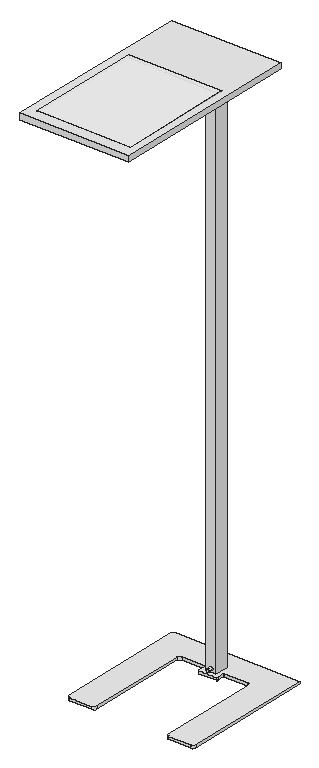
Revit family "0060792 Sylvania Lighting Fixture FREEOFFICE DIRECT INDIRECT 14KLM WHITE EC", category Lighting Fixtures, host Face, Revit 2016
Family settings
  Host = Face
  Part Type = Normal
  Round Connector Dimension = Use Diameter
  OmniClass Number = 23.80.70.11.17
  OmniClass Title = Specialized Lighting by Location or Use
  Cut with Voids When Loaded = No
  Light Source = Yes
  Shared = No
  Room Calculation Point = No
Parameters (values of type "0060792 FREEOFFICE D/I 14 WHITE EC")
  Weight = "22.8 kg"
  Wattage = 107 W
  WarrantyStartDate [instance] = "n/a"
  WarrantyGuarantorParts = "n/a"
  WarrantyDurationUnit = "n/a"
  WarrantyDurationParts = "n/a"
  WarrantyDescription = "n/a"
  built-in parameter 1150110 = 1 (stored number, unit not read)
  Voltage = 230 V
  TypeName = "FREEOFFICE DIRECT/INDIRECT 14KLM WHITE EC"
  built-in parameter 1114217 = 1 (stored number, unit not read)
  Tilt Angle = -90°
  built-in parameter 1150109 = 1 (stored number, unit not read)
  built-in parameter 1150134 = 12
  built-in parameter 1150113 = 1 (stored number, unit not read)
  SerialNumber [instance] = "n/a"
  Radius_FEILO = 165.0 mm
  URL = "http://www.sylvania-lighting.com"
  PowerFactor = 0.98
  PowerConsumption = "107 W"
  Photometric Web File = "0060792.ies"
  PIR_SYL = no
  NominalWidth = 0.0 mm
  NominalLength = 690.0 mm
  NominalHeight = 2030.0 mm
  Name = "FREEOFFICE DIRECT/INDIRECT 14KLM WHITE EC"
  ModelReference = "FREEOFFICE DIRECT/INDIRECT 14KLM WHITE EC"
  ModelNumber = "0060792"
  Material_3_SYL = Body-Sylvania-FreeOffice-BLK
  Material_2_SYL = Polycarbonate_Sylvania_Sylcircle_Opal
  Material_1_SYL = Body-Sylvania-FreeOffice-WH
  Material = "head and pole : powder coated aluminium. stand: powder coated steel housing, pmma diffuser"
  ManufacturerName = "Feilo Sylvania"
  LuminousEfficacy = "132 lm/W"
  built-in parameter 1150105 = 4275.8 (stored number, unit not read)
  Lumens = 14124 lm
  LuminaireType = ""
  built-in parameter 1150115 = 1 (stored number, unit not read)
  LightOutputRatio = "n/a"
  built-in parameter 1150137 = (empty or 0)
  built-in parameter 1150139 = (empty or 0)
  LampsType = Lamp  # "LED"
  LampNominalLuminous = "14100 lm"
  LampMacAdamStep = "3"
  LampColourTemperature = "4000 K"
  LampColourRenderingIndex = "80"
  built-in parameter 1150112 = 1 (stored number, unit not read)
  built-in parameter 1150114 = 1 (stored number, unit not read)
  Keynote = "16500"
  InstallationDate [instance] = "n/a"
  InputVoltage = "220-240V~"
  InputNominalFrequency = "50/60 Hz"
  built-in parameter 1150132 = (empty or 0)
  built-in parameter 1150102 = (empty or 0)
  built-in parameter 1150107 = 4000 (stored number, unit not read)
  built-in parameter 1150138 = (empty or 0)
  IngressProtection = "IP20"
  ImpactProtectionIndex = "IK02"
  built-in parameter 1150106 = 42.758 (stored number, unit not read)
  IfcExportType = "IfcLightFixtureType"
  IfcExportAs = "IfcLightFixtureType"
  Height_FEILO = 96.0 mm
  ExpectedLife = 50000
  Emit from Rectangle Width = 340.1 mm
  Emit from Rectangle Length = 564.6 mm
  Emit Shape Visible in Rendering = no
  ElectricShockClassification = "Class I"
  built-in parameter 1150104 = 12.263 (stored number, unit not read)
  DurationUnit = "hours"
  DocumentationLiterature = "http://www.sylvania-lighting.com/product/en-int/products/0060792"
  DimmingControlOptions = "Dimmable"
  Dimming Lamp Color Temperature Shift = <None>
  Diameter_FEILO = 2 * Radius_FEILO  # 330.0 mm
  CreatedOn = "12/5/2018"
  CreatedBy = "@sylvania-lighting.com"
  Color Filter = 16777215
  built-in parameter 1114216 [instance] = 1 (stored number, unit not read)
  Model = "FREEOFFICE DIRECT/INDIRECT 14KLM WHITE EC"
  Manufacturer = "Feilo Sylvania"
  Lamp = "LED"
  Description = "FREEOFFICE DIRECT/INDIRECT 14KLM WHITE EC is a highly efficient free-standing floor lamp providing optimal illumination for single and twin workstations. 80% uplight and 20% downlight ratio for ambient and task lighting from a single luminaire. Microprismatic PMMA optics for advanced glare control. White RAL9010 powder coated luminaire body. Aluminium head and pole for high-quality appearance, steel stand for higher stability. Luminaire dimensions: Head: 690x397x25mm, Stand: 480x460x16mm, Pole: 55x35x2030mm. Operated and dimmed with a push button located in the pole at a height suitable to be used with adjustable height desks. Up and downlight dims together. 4000K Neutral White LED, CRI>80, chromaticity tolerance: SDCM<3. Luminous flux: 14100lm. Power consumption 107W. Luminaire efficacy: 132lm/W. Lumen maintenance: L80B50=55000h. UGR<16, Luminance at 65°<3000 cd/m2. IK02, IP20. Photobiological safety risk group 0. Electrical protection: Class I. Glow wire test: 650°C. Supplied with 3m cable with DIN 49441-R2 plug."
  Default Elevation = 0.0 mm
  built-in parameter 1140040 [instance] = 1
  BarCode [instance] = "n/a"
  built-in parameter 1114218 = 1 (stored number, unit not read)
  built-in parameter 1150133 = 10 (stored number, unit not read)
  AssetType = "Fixed"
  AssetIdentifier [instance] = "n/a"
  Assembly Code = "D5020200"
  Apparent Load = 107 VA
Reference planes
  plane 1 "Center (Front/Back)": y = 0
  plane 2: z = 0
  plane 3 "Center (Left/Right)": x = 0
  plane 4: z = 2030
  plane 5: x = 230
  plane 6: x = -230
  plane 7: x = 18
  plane 8: x = -18
  plane 9: x = -198.5
  plane 10: x = 198.5
  plane 11: y = 25
  plane 12: y = -25
  plane 13: y = -390.174
  plane 14: y = 89.826
  plane 15: y = -645
  plane 16: y = 44
  plane 17: z = 9
  plane 18: z = 2010
  plane 19: y = -187.327
  plane 20: y = -603.8
  plane 21: x = -170.03
  plane 22: x = 170.03
  plane 23: y = -39.174
  plane 24: z = 2020
  plane 25: x = 130
  plane 26: x = -130
  plane 27: y = -10.174
  plane 28: x = 34
  plane 29: x = -34
  plane 30: y = -39.174
  plane 31: y = -321.487
  plane 32: z = 21
  plane 33: y = -624.4
  plane 34: z = 2009
Forms (mm)
  Extrusion 1, solid, material "Body-Sylvania-FreeOffice-WH" <- "Material_1_SYL"
    sketch origin (-1380.213, -4572, 2010) x (-1, 0, 0) y (0, -1, 0)
      loop
        line (-1181.713, -3927) -> (-1578.713, -3927) -> (-1578.713, -4616) -> (-1181.713, -4616) -> (-1181.713, -3927)
    from 0 to 20
  Extrusion 2, void
    sketch origin (-1380.213, -4572, 2030) x (0, -1, 0) y (-1, 0, 0)
      loop
        line (-4384.673, -1210.183) -> (-4384.673, -1550.243) -> (-3968.2, -1550.243) -> (-3968.2, -1210.183) -> (-4384.673, -1210.183)
    from 0 to 20
  Extrusion 3, void
    sketch origin (-1380.213, -4572, 2010) x (0, -1, 0) y (-1, 0, 0)
      loop
        line (-3968.2, -1210.183) -> (-4532.826, -1210.183) -> (-4532.826, -1550.243) -> (-3968.2, -1550.243) -> (-3968.2, -1210.183)
    from 0 to -10
  Extrusion 4, solid, material "Body-Sylvania-FreeOffice-WH" <- "Material_1_SYL"
    sketch origin (0, 0, 0) x (1, 0, 0) y (0, 1, 0)
      loop
        line (-230, 79.826) -> (-230, -380.174)
        arc (-230, -380.174) -> (-227.071, -387.245) -> (-220, -390.174) r 10
        line (-220, -390.174) -> (-140, -390.174)
        arc (-140, -390.174) -> (-132.929, -387.245) -> (-130, -380.174) r 10
        line (-130, -380.174) -> (-130, -20.174)
        arc (-130, -20.174) -> (-127.071, -13.103) -> (-120, -10.174) r 10
        line (-120, -10.174) -> (-36, -10.174)
        arc (-36, -10.174) -> (-34.586, -10.76) -> (-34, -12.174) r 2
        line (-34, -12.174) -> (-34, -37.174)
        arc (-34, -37.174) -> (-33.414, -38.588) -> (-32, -39.174) r 2
        line (-32, -39.174) -> (32, -39.174)
        arc (32, -39.174) -> (33.414, -38.588) -> (34, -37.174) r 2
        line (34, -37.174) -> (34, -12.174)
        arc (34, -12.174) -> (34.586, -10.76) -> (36, -10.174) r 2
        line (36, -10.174) -> (120, -10.174)
        arc (120, -10.174) -> (127.071, -13.103) -> (130, -20.174) r 10
        line (130, -20.174) -> (130, -380.174)
        arc (130, -380.174) -> (132.929, -387.245) -> (140, -390.174) r 10
        line (140, -390.174) -> (220, -390.174)
        arc (220, -390.174) -> (227.071, -387.245) -> (230, -380.174) r 10
        line (230, -380.174) -> (230, 89.826) -> (-220, 89.826)
        arc (-220, 89.826) -> (-227.071, 86.897) -> (-230, 79.826) r 10
    from 0 to 9
  Extrusion 5, solid, material "Body-Sylvania-FreeOffice-WH" <- "Material_1_SYL"
    sketch origin (645.563, -4597, 9) x (0, -1, 0) y (-1, 0, 0)
      loop
        line (-4622, 663.563) -> (-4622, 627.563) -> (-4572, 627.563) -> (-4572, 663.563) -> (-4622, 663.563)
    from 0 to -2001
  Extrusion 6, solid, material "Body-Sylvania-FreeOffice-WH" <- "Material_1_SYL"
    sketch origin (747.1, -25, 1219.2) x (1, 0, 0) y (0, 0, 1)
      loop
        circle (-747.1, -1198.2) r 5
    from 0 to 14.174
  Extrusion 7, solid, material "Polycarbonate_Sylvania_Sylcircle_Opal" <- "Material_2_SYL"
    sketch origin (-1380.213, -4572, 2030) x (-1, 0, 0) y (0, -1, 0)
      loop
        line (-1550.243, -3968.2) -> (-1550.243, -4384.673) -> (-1210.183, -4384.673) -> (-1210.183, -3968.2) -> (-1550.243, -3968.2)
    from 0 to -10
  Extrusion 8, solid, material "Polycarbonate_Sylvania_Sylcircle_Opal" <- "Material_2_SYL"
    sketch origin (-1380.213, -4572, 2010) x (-1, 0, 0) y (0, -1, 0)
      loop
        line (-1210.183, -4532.826) -> (-1210.183, -3968.2) -> (-1550.243, -3968.2) -> (-1550.243, -4532.826) -> (-1210.183, -4532.826)
    from 0 to 10
  Revolve 9, solid, material "Body-Sylvania-FreeOffice-BLK" <- "Material_3_SYL", visible <- "PIR_SYL"
    sketch origin (747.1, -624.4, 1219.2) x (1, 0, 0) y (0, 0, 1)
      loop
        line (-757.1, 789.8) -> (-754.426, 789.8)
        arc (-754.426, 789.8) -> (-751.007, 787.781) -> (-747.1, 787.079) r 11.221
        line (-747.1, 787.079) -> (-747.1, 790.8) -> (-757.1, 790.8) -> (-757.1, 789.8)
      axis (-747.1, 790.8) -> (-747.1, 787.079)
    angle from 0 to 360
Cuts and joins
  Extrusion 2, Extrusion 3 cuts Extrusion 1
Lines and regions (mm)
  reference lines
    curve 1: circle (0, 0, 21) r 5 normal (0, -1, 0)
    curve 2: circle (0, -624.4, 2010) r 10 normal (0, 0, 1)
Dimensions and locks
  equal spacing: plane 12, plane 1 "Center (Front/Back)", plane 11
  locked: plane 12 to plane 11 at 50
  equal spacing: plane 8, plane 3 "Center (Left/Right)", plane 7
  plane 8 to plane 7 = 36.0 mm
  equal spacing: plane 9, plane 3 "Center (Left/Right)", plane 10
  plane 9 to plane 10 = 397.0 mm
  equal spacing: plane 6, plane 3 "Center (Left/Right)", plane 5
  locked: plane 6 to plane 5 at 460
  locked: plane 4 to plane 2 at 2030
  locked: plane 13 to plane 1 "Center (Front/Back)" at 390.174
  locked: plane 13 to plane 14 at 480
  locked: plane 15 to plane 1 "Center (Front/Back)" at 645
  locked: plane 15 to plane 16 at 689
  locked: plane 17 to plane 2 at 9
  locked: plane 4 to plane 18 at 20
  locked: plane 19 to plane 1 "Center (Front/Back)" at 187.327
  locked: plane 20 to plane 19 at 416.473
  equal spacing: plane 21, plane 3 "Center (Left/Right)", plane 22
  plane 21 to plane 22 = 340.059 mm
  locked: plane 20 to plane 23 at 564.626
  equal spacing: plane 4, plane 24, plane 18
  equal spacing: plane 26, plane 3 "Center (Left/Right)", plane 25
  locked: plane 26 to plane 25 at 260
  locked: plane 27 to plane 14 at 100
  equal spacing: plane 29, plane 3 "Center (Left/Right)", plane 28
  locked: plane 29 to plane 28 at 68
  locked: plane 30 to plane 27 at 29
  equal spacing: plane 20, plane 31, plane 23
  locked: plane 32 to host face at 21
  equal spacing: plane 15, plane 33, plane 20
  locked: Revolve 9 sketch curve to plane 18 at 7.5
  locked: plane 18 to plane 34 at 1
  radius of curve 2 = 10.0 mm
  aligned and locked: plane 2 to host face
  aligned and locked: level to host face
  aligned and locked: plane 15 to Extrusion 1 sketch curve
  aligned and locked: Extrusion 1 sketch curve to plane 9
  aligned and locked: Extrusion 1 sketch curve to plane 16
  aligned and locked: plane 10 to Extrusion 1 sketch curve
  aligned and locked: plane 4 to Extrusion 1
  aligned and locked: Extrusion 1 to plane 18
  aligned and locked: Extrusion 2 sketch curve to plane 19
  aligned and locked: plane 20 to Extrusion 2 sketch curve
  aligned and locked: Extrusion 2 to plane 18
  aligned and locked: plane 4 to Extrusion 2
  aligned and locked: plane 21 to Extrusion 2 sketch curve
  aligned and locked: plane 22 to Extrusion 2 sketch curve
  aligned and locked: Extrusion 3 sketch curve to cut or joined group of Extrusion 1, Extrusion 2, Extrusion 3  (x2)
  aligned and locked: plane 23 to Extrusion 3 sketch curve
  aligned and locked: plane 22 to Extrusion 3 sketch curve
  aligned and locked: Extrusion 3 to plane 18
  aligned and locked: plane 24 to Extrusion 3
  aligned and locked: Extrusion 4 sketch curve to plane 14
  aligned and locked: Extrusion 4 sketch curve to plane 6
  aligned and locked: plane 13 to Extrusion 4 sketch curve  (x2)
  aligned and locked: Extrusion 4 sketch curve to plane 26
  aligned and locked: Extrusion 4 sketch curve to plane 25
  aligned and locked: plane 5 to Extrusion 4 sketch curve
  aligned and locked: plane 29 to Extrusion 4 sketch curve
  aligned and locked: plane 30 to Extrusion 4 sketch curve
  aligned and locked: Extrusion 4 sketch curve to plane 28
  aligned and locked: Extrusion 4 sketch curve to plane 27
  aligned and locked: Extrusion 4 to plane 17
  aligned and locked: Extrusion 4 to level
  aligned and locked: Extrusion 5 sketch curve to plane 8
  aligned and locked: plane 7 to Extrusion 5 sketch curve
  aligned and locked: plane 18 to Extrusion 5
  aligned and locked: plane 11 to Extrusion 5 sketch curve
  aligned and locked: Extrusion 5 sketch curve to plane 12
  aligned and locked: plane 24 to imposter light
  aligned and locked: imposter light to plane 3 "Center (Left/Right)"
  aligned and locked: imposter light to plane 31
  aligned and locked: Extrusion 6 sketch curve to curve 1
  aligned and locked: Extrusion 6 to plane 12
  aligned and locked: Extrusion 6 to cut or joined group of Extrusion 1, Extrusion 2, Extrusion 3
  aligned and locked: Extrusion 7 sketch curve to cut or joined group of Extrusion 1, Extrusion 2, Extrusion 3  (x4)
  aligned and locked: Extrusion 7 to plane 4
  aligned and locked: Extrusion 7 to cut or joined group of Extrusion 1, Extrusion 2, Extrusion 3
  aligned and locked: Extrusion 8 sketch curve to cut or joined group of Extrusion 1, Extrusion 2, Extrusion 3  (x4)
  aligned and locked: Extrusion 8 to cut or joined group of Extrusion 1, Extrusion 2, Extrusion 3
  aligned and locked: Extrusion 8 to plane 18
  aligned and locked: plane 3 "Center (Left/Right)" to curve 2
  aligned and locked: plane 33 to curve 2
  aligned and locked: plane 3 "Center (Left/Right)" to Revolve 9 sketch curve  (x2)
  aligned and locked: Revolve 9 sketch curve to plane 3 "Center (Left/Right)"
  aligned and locked: Revolve 9 sketch curve to plane 34
Automatic sketch dimensions
  host sketch curve to host sketch curve = 1305.563 mm
  host sketch curve to host sketch curve = 1283.632 mm
  plane 27 to Extrusion 4 sketch curve = 0.0 mm
  plane 6 to Extrusion 4 sketch curve = 10.0 mm  (x2)
  Extrusion 4 sketch curve to plane 13 = 10.0 mm
  Extrusion 4 sketch curve to plane 26 = 10.0 mm
  Extrusion 4 sketch curve to Extrusion 4 sketch curve = 2.0 mm
  plane 29 to Extrusion 4 sketch curve = 2.0 mm
  Extrusion 4 sketch curve to plane 28 = 2.0 mm
  plane 28 to Extrusion 4 sketch curve = 2.0 mm
  Extrusion 4 sketch curve to plane 25 = 10.0 mm
  Extrusion 4 sketch curve to Extrusion 4 sketch curve = 10.0 mm
  Extrusion 4 sketch curve to plane 5 = 10.0 mm
  curve 1 to plane 3 "Center (Left/Right)" = 0.0 mm
  curve 1 to plane 32 = 0.0 mm
  Revolve 9 sketch curve to plane 18 = 0.0 mm
  Revolve 9 sketch curve to plane 3 "Center (Left/Right)" = 7.326 mm
  Revolve 9 sketch curve to Revolve 9 sketch curve = 2.674 mm
  Revolve 9 sketch curve to level = 94.652 mm
  plane 4 to Revolve 9 sketch curve = 432.257 mm
  radius of curve 1 = 5.0 mm
Connectors
  electrical at (0, -39.174, 21), driven by "PowerFactor", driven by "Voltage", driven by "Apparent Load", driven by "Apparent Load"
    settings: on Extrusion 6, index 1, voltage 230 V, apparent load 107 VA, apparent load phase1 107 VA, apparent load phase2 0 VA, apparent load phase3 0 VA, power factor 0.98, load classification "Other", number of poles 1, system type 30, power factor state 1, is connector primary yes, connector utility no, sub classification motor no, connector description ""
